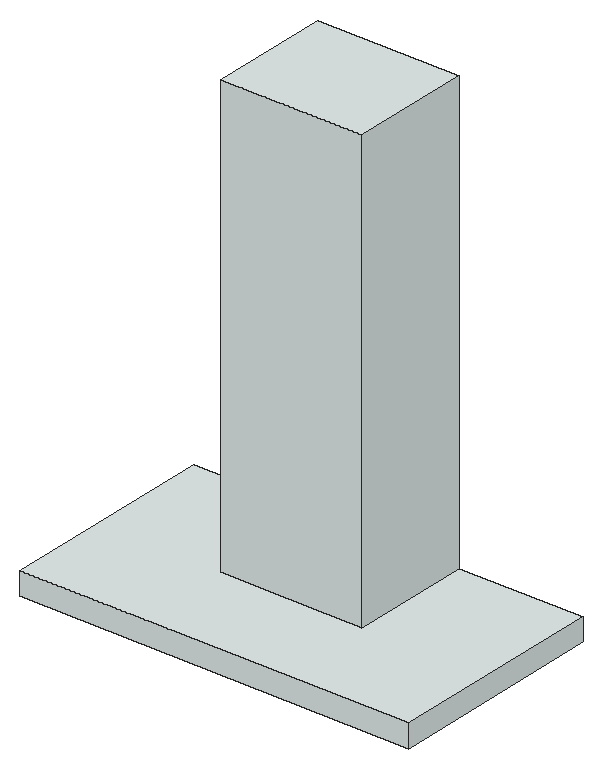
Revit family "Coifa_Tramontina", category Food Service Equipment, Revit 2025
Family settings
  Round Connector Dimension = Use Diameter
  Part Type = Normal
  Work Plane-Based = Yes
  Enable Cutting in Views = No
  Always vertical = No
  Cut with Voids When Loaded = Yes
  Maintain Annotation Orientation = No
  Shared = No
  Room Calculation Point = No
Parameters
  Material_Cuba_Coz = CT_Aço_Inox
  Default Elevation = 1.2192 m
  Coifa_Altura_Chamine = 1.02 m
  Coifa_Altura = 1.50 m
Reference planes (m)
  plane 1 "Center (Front/Back)": y = 0
  plane 2: z = 1.5
  plane 3 "Center (Left/Right)": x = 0
Forms (m)
  Extrusion 1, solid, material "CT_Aço_Inox" <- "Material_Cuba_Coz"
    sketch origin (0, 0, 0) x (1, 0, 0) y (0, 1, 0)
      loop
        line (-0.4493, -0.5) -> (0.4493, -0.5) -> (0.4493, 0) -> (-0.4493, 0) -> (-0.4493, -0.5)
    from 1.5 to 1.552095
  Extrusion 2, solid, material "CT_Aço_Inox" <- "Material_Cuba_Coz"
    sketch origin (0, 0, 0) x (1, 0, 0) y (0, 1, 0)
      loop
        line (-0.16295, -0.2783) -> (0.16295, -0.2783) -> (0.16295, 0) -> (-0.16295, 0) -> (-0.16295, -0.2783)
    from 1.552095 to 2.572095
Cuts and joins
  joined: Extrusion 1, Extrusion 2
Dimensions and locks (m)
  cut or joined group of Extrusion 1, Extrusion 2 to cut or joined group of Extrusion 1, Extrusion 2 = 0.00 m
  locked: cut or joined group of Extrusion 1, Extrusion 2 to cut or joined group of Extrusion 1, Extrusion 2 at 0.5
  locked: cut or joined group of Extrusion 1, Extrusion 2 to cut or joined group of Extrusion 1, Extrusion 2 at 0.8986
  locked: plane 3 "Center (Left/Right)" to Extrusion 2 at 0.16295
  locked: plane 1 "Center (Front/Back)" to Extrusion 2 at 0.2783
  "Coifa_Altura": plane 2 to level
  "Coifa_Altura_Chamine": cut or joined group of Extrusion 1, Extrusion 2 to cut or joined group of Extrusion 1, Extrusion 2
  aligned and locked: Extrusion 2 to Extrusion 1
Automatic sketch dimensions
  Extrusion 1 sketch curve to plane 1 "Center (Front/Back)" = 0.00 m
  Extrusion 1 sketch curve to plane 3 "Center (Left/Right)" = 0.4493 m
  plane 3 "Center (Left/Right)" to Extrusion 1 sketch curve = 0.4493 m
  plane 1 "Center (Front/Back)" to Extrusion 1 sketch curve = 0.50 m
  plane 1 "Center (Front/Back)" to Extrusion 2 sketch curve = 0.00 m
  Extrusion 2 sketch curve to plane 3 "Center (Left/Right)" = 0.16295 m
  plane 3 "Center (Left/Right)" to Extrusion 2 sketch curve = 0.16295 m
  plane 1 "Center (Front/Back)" to Extrusion 2 sketch curve = 0.2783 m
